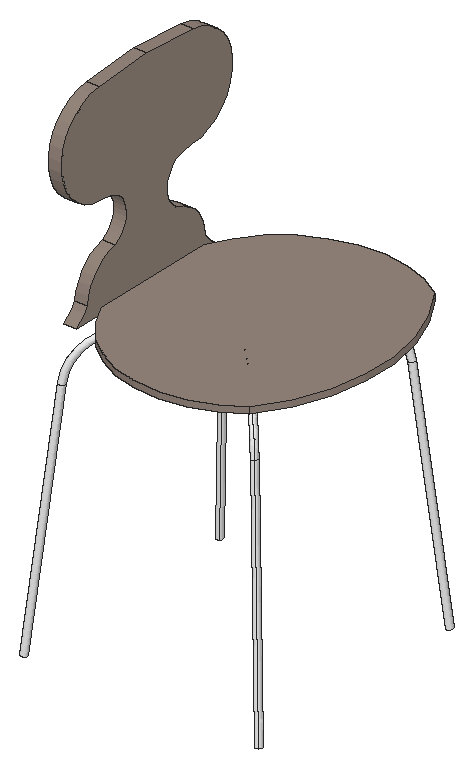
Revit family "Chair 1", category Furniture, Revit 2024
Family settings
  Work Plane-Based = No
  Enable Cutting in Views = No
  Always vertical = Yes
  Cut with Voids When Loaded = No
  Render Appearance Source = Family Geometry
  Shared = No
  Room Calculation Point = No
Parameters
  __Temp [instance] = 0 mm
  Keynote = "12600"
  Manufacturer = ""
  Default Elevation = 0 mm
  Bracket Material = Herman Miller - Finish 47 Trivalent Chrome
  Model = ""
  Cushion/Chair Back Material = Herman Miller - Veneer Z5 Maple
  BG_DIM_Width2 [instance] = 0 mm
  BG_DIM_Depth1 [instance] = 0 mm
Reference planes
  plane 1 "Center F/B": y = -198.997
  plane 2: z = 0
  plane 3 "Center L/R": x = -1.022
Forms (mm)
  Sweep 1, solid, material "Herman Miller - Finish 47 Trivalent Chrome" <- "Bracket Material"
    path origin (61.052, -65.204, 45) x (0, 0, -1) y (0.707107, -0.707107, 0)
      loop
        line (45, -82.843) -> (-332.364, -36.508)
        arc (-332.364, -36.508) -> (-382.531, -10.114) -> (-402.615, 42.895) r 80
        line (-402.615, 42.895) -> (-402.615, 181.322)
    profile origin (18.855, -23.007, 188.682) x (-0.701836, 0.701836, 0.121869) y (-0.707107, -0.707107, 0)
      loop
        circle (0, 0) r 5
  Sweep 2, solid, material "Herman Miller - Finish 47 Trivalent Chrome" <- "Bracket Material"
    path origin (57.516, -325.168, 45) x (0, 0, -1) y (0.707107, 0.707107, 0)
      loop
        line (45, -82.843) -> (-332.364, -36.508)
        arc (-332.364, -36.508) -> (-382.531, -10.114) -> (-402.615, 42.895) r 80
        line (-402.615, 42.895) -> (-402.615, 181.322)
    profile origin (15.319, -367.364, 188.682) x (-0.701836, -0.701836, 0.121869) y (0.707107, -0.707107, 0)
      loop
        circle (0, 0) r 5
  Sweep 3, solid, material "Herman Miller - Finish 47 Trivalent Chrome" <- "Bracket Material"
    path origin (303.338, -65.204, 45) x (0, 0, -1) y (0.707107, 0.707107, 0)
      loop
        line (45, 82.843) -> (-332.364, 36.508)
        arc (-332.364, 36.508) -> (-382.531, 10.114) -> (-402.615, -42.895) r 80
        line (-402.615, -42.895) -> (-402.615, -181.322)
    profile origin (345.535, -23.007, 188.682) x (0.701836, 0.701836, 0.121869) y (-0.707107, 0.707107, 0)
      loop
        circle (0, 0) r 5
  Sweep 4, solid, material "Herman Miller - Finish 47 Trivalent Chrome" <- "Bracket Material"
    path origin (306.873, -325.168, 45) x (0, 0, -1) y (0.707107, -0.707107, 0)
      loop
        line (45, 82.843) -> (-332.364, 36.508)
        arc (-332.364, 36.508) -> (-382.531, 10.114) -> (-402.615, -42.895) r 80
        line (-402.615, -42.895) -> (-402.615, -181.322)
    profile origin (349.07, -367.364, 188.682) x (0.701836, -0.701836, 0.121869) y (0.707107, 0.707107, 0)
      loop
        circle (0, 0) r 5
  Extrusion 5, solid, material "Herman Miller - Veneer Z5 Maple" <- "Cushion/Chair Back Material"
    sketch origin (0, 0, 0) x (1, 0, 0) y (0, 1, 0)
      loop
        arc (340, -9.099) -> (152.776, 17.913) -> (32.728, -128.274) r 192.616
        line (32.728, -128.274) -> (32.728, -249.923)
        arc (32.728, -249.923) -> (152.776, -396.11) -> (340, -369.099) r 192.616
        arc (340, -369.099) -> (400.673, -189.099) -> (340, -9.099) r 297.34
    from 450 to 460
  Extrusion 6, solid, material "Herman Miller - Veneer Z5 Maple" <- "Cushion/Chair Back Material"
    sketch origin (390, -409.099, -27.081) x (0, 0, -1) y (0, 1, 0)
      loop
        arc (-498.809, 95.839) -> (-486.21, 86.065) -> (-477.081, 72.99) r 53.087
        line (-477.081, 72.99) -> (-477.081, 347.212)
        arc (-477.081, 347.212) -> (-486.21, 334.138) -> (-498.809, 324.364) r 53.087
        arc (-498.809, 324.364) -> (-539.073, 308.301) -> (-561.143, 270.989) r 67.175
        arc (-561.143, 270.989) -> (-601.737, 249.17) -> (-634.197, 281.887) r 38.521
        line (-634.197, 281.887) -> (-636.604, 298.938)
        arc (-636.604, 298.938) -> (-714.694, 376.726) -> (-796.127, 302.444) r 79.872
        line (-796.127, 302.444) -> (-802.584, 210.101) -> (-796.127, 117.759)
        arc (-796.127, 117.759) -> (-714.694, 43.477) -> (-636.604, 121.265) r 79.872
        line (-636.604, 121.265) -> (-634.197, 138.316)
        arc (-634.197, 138.316) -> (-601.737, 171.033) -> (-561.143, 149.213) r 38.521
        arc (-561.143, 149.213) -> (-539.073, 111.901) -> (-498.809, 95.839) r 67.175
    from -367.272 to -347.272
Dimensions and locks
  aligned and locked: plane 1 "Center F/B" to Extrusion 6
